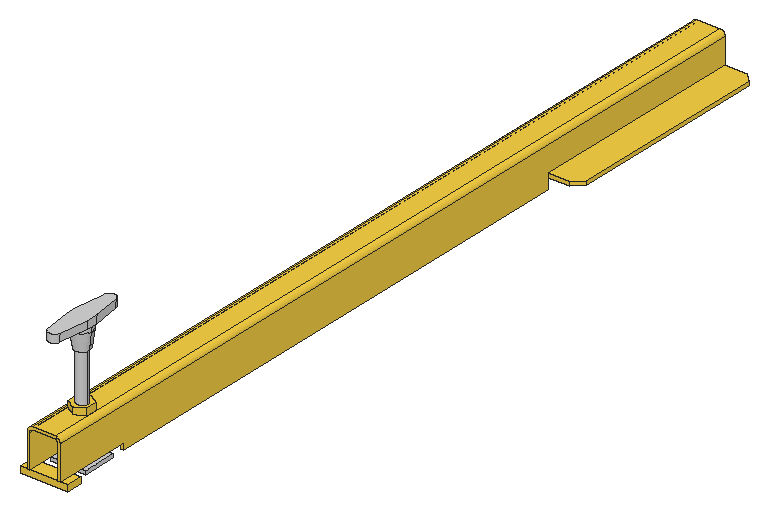
Revit family "EHL_WALL HANDRAIL SUPPORT_2211256", category Generic Models, Revit 2018
Family settings
  Can host rebar = No
  Round Connector Dimension = Use Diameter
  Part Type = Normal
  OmniClass Number = 35.51.14.00
  OmniClass Title = FORMWORK
  Work Plane-Based = Yes
  Always vertical = No
  Cut with Voids When Loaded = No
  Shared = Yes
  Room Calculation Point = No
Parameters
  VERSION = "20190304"  # constant formula
  URL = "www.ulmaconstruction.com/en"
  UNICLASS = ""
  PLYWOOD THICKNESS [instance] = 0.000 mm
  ITEM_PLYWOOD THICKNESS [instance] = if(PLYWOOD THICKNESS < 18.000 mm, 18.000 mm, if(PLYWOOD THICKNESS > 95.000 mm, 95.000 mm, PLYWOOD THICKNESS))  # 18.000 mm
  Manufacturer = "ULMA CONSTRUCTION"  # constant formula
  ITEM_CODE = "2211256"
  FILTER [instance] = ""
  Default Elevation = 0.000 mm
  CLASSIFICATION_TITLE = ""
  CLASSIFICATION_NUMBER = ""
Reference planes
  plane 1 "Centro (Frontal/Posterior)": y = 0
  plane 2: z = 0
  plane 3 "Centro (Izquierda/Derecha)": x = 0
  plane 4 "01": z = 0
  plane 5 "PLYWOOD THICKNESS": z = 0
  plane 6 "ITEM_PLYWOOD THICKNESS": z = 18
  plane 7 "HOLE 1": y = -630
  plane 8 "HOLE 2": y = -555
  plane 9 "HOLE 3": y = -480
  plane 10 "HOLE 4": y = -405
  plane 11 "HOLE 5": y = -330
  plane 12 "HOLE 6": y = -255
  plane 13 "HOLE 7": y = -180
  plane 14 "HOLE 8": y = -105
  plane 15 "HOLE 9": y = -30
  plane 16 "HANDRAIL CENTER": z = 46
Forms (mm)
  Extrusion 1, solid, material "ULMA YELLOW", not visible
    sketch origin (0, -420.561, -20.691) x (1, 0, 0) y (0, 1, 0)
      loop
        arc (-26, 331.561) -> (-23.657, 325.904) -> (-18, 323.561) r 8
        line (-18, 323.561) -> (18, 323.561)
        arc (18, 323.561) -> (23.657, 325.904) -> (26, 331.561) r 8
        line (26, 331.561) -> (26, 395.561) -> (22, 395.561) -> (22, 331.561)
        arc (22, 331.561) -> (20.828, 328.732) -> (18, 327.561) r 4
        line (18, 327.561) -> (-18, 327.561)
        arc (-18, 327.561) -> (-20.828, 328.732) -> (-22, 331.561) r 4
        line (-22, 331.561) -> (-22, 395.561) -> (-26, 395.561) -> (-26, 331.561)
    from -986.309 to 328.691
  Extrusion 2, solid, material "ULMA YELLOW"
    sketch origin (0, 0, 0) x (1, 0, 0) y (0, 0, 1)
      loop
        arc (-18, 72) -> (-23.657, 69.657) -> (-26, 64) r 8
        line (-26, 64) -> (-26, 0) -> (-22, 0) -> (-22, 64)
        arc (-22, 64) -> (-20.828, 66.828) -> (-18, 68) r 4
        line (-18, 68) -> (18, 68)
        arc (18, 68) -> (20.828, 66.828) -> (22, 64) r 4
        line (22, 64) -> (22, 0) -> (26, 0) -> (26, 64)
        arc (26, 64) -> (23.657, 69.657) -> (18, 72) r 8
        line (18, 72) -> (-18, 72)
    from -310 to 1005
  Extrusion 3, solid, material "ULMA YELLOW", detail levels fine
    sketch origin (0, 2, 0) x (0, 1, 0) y (0, 0, 1)
      loop
        line (-982, 10) -> (-1007, 10) -> (-1007, 0) -> (-982, 0) -> (-982, 10)
    from -37.5 to 37.5
  Extrusion 4, solid, material "ULMA YELLOW", detail levels fine
    sketch origin (0, 4, 0) x (0, 1, 0) y (0, 0, 1)
      loop
        line (-616.5, 11) -> (-616.5, 5) -> (-572.5, 5) -> (-572.5, 11) -> (-616.5, 11)
    from -22 to 22
  Extrusion 5, void
    sketch origin (0, 0, 0) x (0, 1, 0) y (0, 0, 1)
      loop
        line (-880, 10) -> (-1005, 10) -> (-1005, 0) -> (-880, 0) -> (-880, 10)
    from -26 to 26
  Extrusion 6, void
    sketch origin (0, 2, 0) x (0, 1, 0) y (0, 0, 1)
      loop
        line (308, 24) -> (-42, 24) -> (-42, 0) -> (308, 0) -> (308, 24)
    from -26 to 26
  Extrusion 7, solid, material "ULMA YELLOW"
    sketch origin (0, 2, 0) x (1, 0, 0) y (0, 1, 0)
      loop
        line (-10, -42) -> (-10, -32)
        arc (-10, -32) -> (0, -22) -> (10, -32) r 10
        line (10, -32) -> (10, -42) -> (60, -42) -> (75, -27) -> (75, 293) -> (60, 308) -> (-60, 308) -> (-75, 293) -> (-75, -27) -> (-60, -42) -> (-10, -42)
    from 18 to 24
  Extrusion 8, solid, material "ULMA YELLOW", detail levels fine
    sketch origin (0, 2, 0) x (1, 0, 0) y (0, 1, 0)
      loop
        line (0, -950.002) -> (15.588, -941.002) -> (15.588, -923.002) -> (0, -914.002) -> (-15.588, -923.002) -> (-15.588, -941.002) -> (0, -950.002)
    from 32 to 81.93
  Extrusion 9, solid, material "ULMA ZINC"
    sketch origin (0, 2, -43) x (1, 0, 0) y (0, 1, 0)
      loop
        line (16, -923.244) -> (9.916, -876.704)
        arc (9.916, -876.704) -> (0, -868) -> (-9.916, -876.704) r 10
        line (-9.916, -876.704) -> (-16, -923.244) -> (-16, -940.756) -> (-9.916, -987.296)
        arc (-9.916, -987.296) -> (0, -996) -> (9.916, -987.296) r 10
        line (9.916, -987.296) -> (16, -940.756) -> (16, -923.244)
    from 237 to 249
  Revolve 10, solid, material "ULMA ZINC"
    sketch origin (0, -930, -43) x (1, 0, 0) y (0, 0, 1)
      loop
        line (-16, 237) -> (-16, 230) -> (-12, 202) -> (-9, 202) -> (-9, 49) -> (0, 49) -> (0, 237) -> (-16, 237)
      axis (0, 237) -> (0, 49)
    angle from 0 to 360
  Extrusion 11, solid, material "ULMA ZINC"
    sketch origin (0, 2, -43) x (1, 0, 0) y (0, 1, 0)
      loop
        line (27.5, -904.5) -> (-27.5, -904.5) -> (-27.5, -959.5) -> (27.5, -959.5) -> (27.5, -904.5)
    from 43 to 49
Cuts and joins
  Extrusion 5, Extrusion 6 cuts Extrusion 2
Lines and regions (mm)
  model lines, style "ULMA HANDRAIL", detail levels fine
    curve 1: circle (-50, 255, 18) r 4 normal (0, 0, 1)
    curve 2: circle (-50, 175, 18) r 4 normal (0, 0, 1)
    curve 3: circle (-50, 95, 18) r 4 normal (0, 0, 1)
    curve 4: circle (-50, 15, 18) r 4 normal (0, 0, 1)
    curve 5: circle (50, 15, 18) r 4 normal (0, 0, 1)
    curve 6: circle (50, 95, 18) r 4 normal (0, 0, 1)
    curve 7: circle (50, 175, 18) r 4 normal (0, 0, 1)
    curve 8: circle (50, 255, 18) r 4 normal (0, 0, 1)
    curve 9: circle (-50, 255, 24) r 4 normal (0, 0, 1)
    curve 10: circle (-50, 175, 24) r 4 normal (0, 0, 1)
    curve 11: circle (-50, 95, 24) r 4 normal (0, 0, 1)
    curve 12: circle (-50, 15, 24) r 4 normal (0, 0, 1)
    curve 13: circle (50, 15, 24) r 4 normal (0, 0, 1)
    curve 14: circle (50, 95, 24) r 4 normal (0, 0, 1)
    curve 15: circle (50, 175, 24) r 4 normal (0, 0, 1)
    curve 16: circle (50, 255, 24) r 4 normal (0, 0, 1)
    curve 17: circle (0, -30, 72) r 9 normal (0, 0, 1)
    curve 18: circle (0, -105, 72) r 9 normal (0, 0, 1)
    curve 19: circle (0, -180, 72) r 9 normal (0, 0, 1)
    curve 20: circle (0, -255, 72) r 9 normal (0, 0, 1)
    curve 21: circle (0, -330, 72) r 9 normal (0, 0, 1)
    curve 22: circle (0, -405, 72) r 9 normal (0, 0, 1)
    curve 23: circle (0, -480, 72) r 9 normal (0, 0, 1)
    curve 24: circle (0, -555, 72) r 9 normal (0, 0, 1)
    curve 25: circle (0, -630, 72) r 9 normal (0, 0, 1)
    curve 26: circle (0, -30, 68) r 9 normal (0, 0, 1)
    curve 27: circle (0, -105, 68) r 9 normal (0, 0, 1)
    curve 28: circle (0, -180, 68) r 9 normal (0, 0, 1)
    curve 29: circle (0, -255, 68) r 9 normal (0, 0, 1)
    curve 30: circle (0, -330, 68) r 9 normal (0, 0, 1)
    curve 31: circle (0, -405, 68) r 9 normal (0, 0, 1)
    curve 32: circle (0, -480, 68) r 9 normal (0, 0, 1)
    curve 33: circle (0, -555, 68) r 9 normal (0, 0, 1)
    curve 34: circle (0, -630, 68) r 9 normal (0, 0, 1)
Dimensions and locks
  locked: cut or joined group of Extrusion 2, Extrusion 5, Extrusion 6 to plane 4 "01" at 68
  locked: cut or joined group of Extrusion 2, Extrusion 5, Extrusion 6 to plane 4 "01" at 72
  locked: Extrusion 4 to plane 4 "01" at 5
  locked: Extrusion 4 to plane 4 "01" at 11
  Extrusion 7 to plane 3 "Centro (Izquierda/Derecha)" = 10.000 mm
  locked: Extrusion 7 to plane 4 "01" at 18
  locked: Extrusion 7 to plane 4 "01" at 24
  locked: Extrusion 8 to plane 4 "01" at 32
  locked: Extrusion 8 to plane 4 "01" at 81.93
  "PLYWOOD THICKNESS": plane 5 "PLYWOOD THICKNESS" to plane 2
  locked: plane 6 "ITEM_PLYWOOD THICKNESS" to plane 4 "01" at 18
  "ITEM_PLYWOOD THICKNESS": plane 6 "ITEM_PLYWOOD THICKNESS" to plane 2
  locked: Extrusion 7 to plane 16 "HANDRAIL CENTER" at 22
  aligned and locked: level to plane 2
  aligned and locked: Extrusion 5 to Extrusion 2
  aligned and locked: plane 4 "01" to cut or joined group of Extrusion 2, Extrusion 5, Extrusion 6
  aligned and locked: Extrusion 5 to plane 4 "01"
  aligned and locked: Extrusion 3 to plane 4 "01"
  aligned and locked: Extrusion 6 to plane 4 "01"
  aligned and locked: Extrusion 6 to Extrusion 7
  aligned and locked: Revolve 10 to Extrusion 11
  aligned and locked: Extrusion 9 to Revolve 10
  aligned and locked: Extrusion 11 to plane 2
Automatic sketch dimensions
  Extrusion 2 sketch curve to Extrusion 2 sketch curve = 0.000 mm  (x4)
  Extrusion 2 sketch curve to plane 4 "01" = 0.000 mm  (x2)
  Extrusion 2 sketch curve to plane 3 "Centro (Izquierda/Derecha)" = 26.000 mm
  Extrusion 2 sketch curve to Extrusion 2 sketch curve = 4.000 mm  (x3)
  plane 3 "Centro (Izquierda/Derecha)" to Extrusion 2 sketch curve = 18.000 mm
  Extrusion 2 sketch curve to Extrusion 2 sketch curve = 64.000 mm
  Extrusion 3 sketch curve to plane 4 "01" = 0.000 mm
  plane 4 "01" to Extrusion 3 sketch curve = 10.000 mm
  plane 1 "Centro (Frontal/Posterior)" to Extrusion 3 sketch curve = 1005.000 mm
  Extrusion 3 sketch curve to Extrusion 3 sketch curve = 25.000 mm
  plane 4 "01" to Extrusion 4 sketch curve = 11.000 mm
  plane 1 "Centro (Frontal/Posterior)" to Extrusion 4 sketch curve = 612.500 mm
  plane 4 "01" to Extrusion 4 sketch curve = 5.000 mm
  Extrusion 4 sketch curve to Extrusion 4 sketch curve = 44.000 mm
  Extrusion 5 sketch curve to plane 4 "01" = 0.000 mm
  plane 4 "01" to Extrusion 5 sketch curve = 10.000 mm
  plane 1 "Centro (Frontal/Posterior)" to Extrusion 5 sketch curve = 1005.000 mm
  Extrusion 5 sketch curve to Extrusion 5 sketch curve = 125.000 mm
  Extrusion 6 sketch curve to plane 4 "01" = 0.000 mm
  plane 1 "Centro (Frontal/Posterior)" to Extrusion 6 sketch curve = 40.000 mm
  Extrusion 6 sketch curve to plane 1 "Centro (Frontal/Posterior)" = 310.000 mm
  plane 4 "01" to Extrusion 6 sketch curve = 24.000 mm
  Extrusion 7 sketch curve to plane 3 "Centro (Izquierda/Derecha)" = 0.000 mm
  Extrusion 7 sketch curve to plane 3 "Centro (Izquierda/Derecha)" = 10.000 mm
  Extrusion 7 sketch curve to plane 3 "Centro (Izquierda/Derecha)" = 60.000 mm
  Extrusion 7 sketch curve to Extrusion 7 sketch curve = 50.000 mm  (x2)
  Extrusion 7 sketch curve to Extrusion 7 sketch curve = 15.000 mm  (x5)
  plane 3 "Centro (Izquierda/Derecha)" to Extrusion 7 sketch curve = 60.000 mm
  plane 1 "Centro (Frontal/Posterior)" to Extrusion 7 sketch curve = 40.000 mm
  Extrusion 7 sketch curve to Extrusion 7 sketch curve = 0.000 mm  (x2)
  Extrusion 7 sketch curve to Extrusion 7 sketch curve = 10.000 mm
  Extrusion 7 sketch curve to plane 1 "Centro (Frontal/Posterior)" = 295.000 mm
  Extrusion 8 sketch curve to plane 3 "Centro (Izquierda/Derecha)" = 0.000 mm  (x2)
  Extrusion 8 sketch curve to plane 3 "Centro (Izquierda/Derecha)" = 15.588 mm
  plane 3 "Centro (Izquierda/Derecha)" to Extrusion 8 sketch curve = 15.588 mm
  plane 1 "Centro (Frontal/Posterior)" to Extrusion 8 sketch curve = 948.002 mm
  Extrusion 8 sketch curve to Extrusion 8 sketch curve = 9.000 mm  (x3)
  Extrusion 8 sketch curve to Extrusion 8 sketch curve = 18.000 mm  (x2)
  Extrusion 7 to curve 2 = 25.000 mm
  Extrusion 7 to curve 3 = 25.000 mm
  Extrusion 7 to curve 4 = 25.000 mm
  Extrusion 7 to curve 1 = 25.000 mm
  Extrusion 7 to curve 6 = 25.000 mm
  Extrusion 7 to curve 7 = 25.000 mm
  Extrusion 7 to curve 8 = 25.000 mm
  Extrusion 7 to curve 5 = 25.000 mm
  Extrusion 7 to curve 5 = 55.000 mm
  Extrusion 7 to curve 4 = 55.000 mm
  curve 4 to curve 3 = 80.000 mm
  curve 5 to curve 6 = 80.000 mm
  curve 3 to curve 2 = 80.000 mm
  curve 6 to curve 7 = 80.000 mm
  Extrusion 7 to curve 8 = 55.000 mm
  Extrusion 7 to curve 1 = 55.000 mm
  curve 10 to Extrusion 7 = 25.000 mm
  curve 11 to Extrusion 7 = 25.000 mm
  curve 12 to Extrusion 7 = 25.000 mm
  curve 9 to Extrusion 7 = 25.000 mm
  curve 14 to Extrusion 7 = 25.000 mm
  curve 15 to Extrusion 7 = 25.000 mm
  curve 16 to Extrusion 7 = 25.000 mm
  curve 13 to Extrusion 7 = 25.000 mm
  curve 13 to Extrusion 7 = 55.000 mm
  curve 12 to Extrusion 7 = 55.000 mm
  curve 12 to curve 11 = 80.000 mm
  curve 13 to curve 14 = 80.000 mm
  curve 11 to curve 10 = 80.000 mm
  curve 14 to curve 15 = 80.000 mm
  curve 16 to Extrusion 7 = 55.000 mm
  curve 9 to Extrusion 7 = 55.000 mm
  Extrusion 2 to curve 17 = 18.000 mm
  Extrusion 2 to curve 18 = 18.000 mm
  Extrusion 2 to curve 19 = 18.000 mm
  Extrusion 2 to curve 20 = 18.000 mm
  Extrusion 2 to curve 21 = 18.000 mm
  Extrusion 2 to curve 22 = 18.000 mm
  Extrusion 2 to curve 23 = 18.000 mm
  Extrusion 2 to curve 24 = 18.000 mm
  Extrusion 2 to curve 25 = 18.000 mm
  Extrusion 2 to curve 17 = 340.000 mm
  curve 17 to curve 18 = 75.000 mm
  curve 18 to curve 19 = 75.000 mm
  curve 19 to curve 20 = 75.000 mm
  curve 20 to curve 21 = 75.000 mm
  curve 21 to curve 22 = 75.000 mm
  curve 22 to curve 23 = 75.000 mm
  curve 23 to curve 24 = 75.000 mm
  curve 24 to curve 25 = 75.000 mm
  Extrusion 2 to curve 26 = 18.000 mm
  curve 26 to Extrusion 2 = 340.000 mm
  Extrusion 2 to curve 27 = 18.000 mm
  curve 26 to curve 27 = 75.000 mm
  Extrusion 2 to curve 28 = 18.000 mm
  curve 27 to curve 28 = 75.000 mm
  Extrusion 2 to curve 29 = 18.000 mm
  curve 28 to curve 29 = 75.000 mm
  Extrusion 2 to curve 30 = 18.000 mm
  curve 29 to curve 30 = 75.000 mm
  Extrusion 2 to curve 31 = 18.000 mm
  curve 30 to curve 31 = 75.000 mm
  Extrusion 2 to curve 32 = 18.000 mm
  curve 31 to curve 32 = 75.000 mm
  Extrusion 2 to curve 33 = 18.000 mm
  curve 32 to curve 33 = 75.000 mm
  Extrusion 2 to curve 34 = 18.000 mm
  curve 33 to curve 34 = 75.000 mm
  Extrusion 9 sketch curve to plane 3 "Centro (Izquierda/Derecha)" = 0.000 mm  (x2)
  Extrusion 9 sketch curve to plane 3 "Centro (Izquierda/Derecha)" = 9.916 mm  (x2)
  Extrusion 9 sketch curve to plane 3 "Centro (Izquierda/Derecha)" = 16.000 mm
  plane 3 "Centro (Izquierda/Derecha)" to Extrusion 9 sketch curve = 9.916 mm  (x2)
  plane 3 "Centro (Izquierda/Derecha)" to Extrusion 9 sketch curve = 16.000 mm
  plane 1 "Centro (Frontal/Posterior)" to Extrusion 9 sketch curve = 985.296 mm
  Extrusion 9 sketch curve to Extrusion 9 sketch curve = 1.296 mm  (x2)
  Extrusion 9 sketch curve to Extrusion 9 sketch curve = 46.541 mm
  Extrusion 9 sketch curve to Extrusion 9 sketch curve = 0.000 mm
  Extrusion 9 sketch curve to Extrusion 9 sketch curve = 17.511 mm  (x2)
  Extrusion 9 sketch curve to Extrusion 9 sketch curve = 45.244 mm
  Revolve 10 sketch curve to plane 3 "Centro (Izquierda/Derecha)" = 0.000 mm  (x2)
  Revolve 10 sketch curve to plane 3 "Centro (Izquierda/Derecha)" = 9.000 mm
  Revolve 10 sketch curve to Revolve 10 sketch curve = 3.000 mm
  Revolve 10 sketch curve to Revolve 10 sketch curve = 16.000 mm
  level to Revolve 10 sketch curve = 6.000 mm
  plane 4 "01" to Revolve 10 sketch curve = 159.000 mm
  Revolve 10 sketch curve to Revolve 10 sketch curve = 28.000 mm
  Revolve 10 sketch curve to Revolve 10 sketch curve = 7.000 mm
  Revolve 10 sketch curve to Revolve 10 sketch curve = 28.088 mm
  Revolve 10 sketch curve to Revolve 10 sketch curve = 1.912 mm
  Extrusion 11 sketch curve to plane 3 "Centro (Izquierda/Derecha)" = 27.500 mm
  plane 3 "Centro (Izquierda/Derecha)" to Extrusion 11 sketch curve = 27.500 mm
  plane 1 "Centro (Frontal/Posterior)" to Extrusion 11 sketch curve = 957.500 mm
  Extrusion 11 sketch curve to Extrusion 11 sketch curve = 55.000 mm
  radius of curve 1 = 4.000 mm
  radius of curve 2 = 4.000 mm
  radius of curve 3 = 4.000 mm
  radius of curve 4 = 4.000 mm
  radius of curve 5 = 4.000 mm
  radius of curve 6 = 4.000 mm
  radius of curve 7 = 4.000 mm
  radius of curve 8 = 4.000 mm
  radius of curve 9 = 4.000 mm
  radius of curve 10 = 4.000 mm
  radius of curve 11 = 4.000 mm
  radius of curve 12 = 4.000 mm
  radius of curve 13 = 4.000 mm
  radius of curve 14 = 4.000 mm
  radius of curve 15 = 4.000 mm
  radius of curve 16 = 4.000 mm
  radius of curve 17 = 9.000 mm
  radius of curve 18 = 9.000 mm
  radius of curve 19 = 9.000 mm
  radius of curve 20 = 9.000 mm
  radius of curve 21 = 9.000 mm
  radius of curve 22 = 9.000 mm
  radius of curve 23 = 9.000 mm
  radius of curve 24 = 9.000 mm
  radius of curve 25 = 9.000 mm
  radius of curve 26 = 9.000 mm
  radius of curve 27 = 9.000 mm
  radius of curve 28 = 9.000 mm
  radius of curve 29 = 9.000 mm
  radius of curve 30 = 9.000 mm
  radius of curve 31 = 9.000 mm
  radius of curve 32 = 9.000 mm
  radius of curve 33 = 9.000 mm
  radius of curve 34 = 9.000 mm
